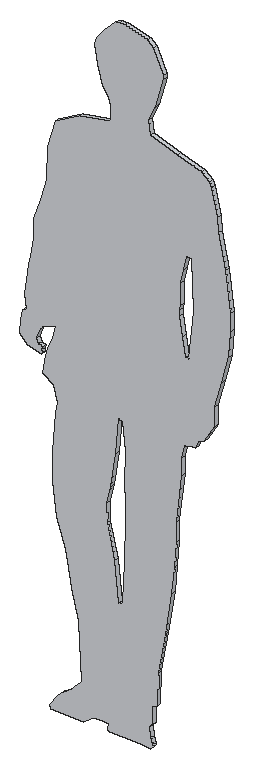
Revit family "Face-Me Test Component", category Generic Models, Revit 2018
Family settings
  Can host rebar = No
  Round Connector Dimension = Use Diameter
  Part Type = Normal
  OmniClass Number = 23.40.20.00
  OmniClass Title = General Furniture and Specialties
  Work Plane-Based = No
  Always vertical = Yes
  Cut with Voids When Loaded = No
  Shared = No
  Room Calculation Point = No
Reference planes
  plane 1 "Center (Front/Back)": y = 0
  plane 2: z = 0
  plane 3 "Center (Left/Right)": x = 0
Forms (mm)
  Extrusion 1, solid
    sketch origin (-300, 0, 0) x (1, 0, 0) y (0, 0, 1)
      loop
        line (447.297, 605.539) -> (462.51, 730.294) -> (461.99, 775.071) -> (471.642, 809.41) -> (486.329, 813.36) -> (502.069, 815.496) -> (512.516, 833.69) -> (529.453, 842.883) -> (543.952, 864.885) -> (556.841, 888.527) -> (556.841, 940.25) -> (578.062, 1008.273) -> (596.396, 1080.221) -> (602.481, 1147.167) -> (602.481, 1194.792) -> (588.16, 1300.164) -> (569.039, 1391.137) -> (566.024, 1428.198) -> (547.713, 1497.094) -> (542.203, 1511.444) -> (520.222, 1528.941) -> (452.457, 1548.699) -> (374.269, 1573.165) -> (367.596, 1609.062) -> (388.188, 1648.852) -> (411.918, 1728.06) -> (411.918, 1738.387) -> (382.817, 1798.692) -> (365.857, 1812.512) -> (301.241, 1828.758) -> (286.544, 1827.762) -> (273.856, 1825.719) -> (241.284, 1794.153) -> (219.867, 1767.364) -> (214.774, 1747.918) -> (222.44, 1701.033) -> (237.341, 1649.235) -> (254.26, 1625.407) -> (259.005, 1607.671) -> (258.643, 1570.119) -> (255.6, 1567.073) -> (170.568, 1549.213) -> (103.458, 1512.304) -> (79.516, 1438.251) -> (76.071, 1351.037) -> (58.982, 1294.114) -> (39.558, 1238.448) -> (39.558, 1189.765) -> (32.142, 1153.308) -> (24.345, 1116.739) -> (17.869, 1075.689) -> (12.171, 1037.623) -> (15.39, 1017.776) -> (18.259, 1001.11) -> (9.128, 995.025) -> (0.873, 967.78) -> (0, 934.165) -> (22.497, 911.098) -> (60.857, 900.698) -> (63.9, 903.737) -> (62.758, 913.432) -> (66.943, 921.994) -> (52.744, 924.303) -> (48.686, 937.21) -> (60.857, 970.683) -> (81.225, 979.065) -> (103.458, 985.894) -> (92.631, 952.124) -> (79.114, 921.994) -> (70.499, 886.794) -> (63.9, 852.008) -> (96.735, 833.764) -> (106.501, 791.154) -> (101.539, 762.504) -> (100.416, 730.294) -> (94.182, 662.221) -> (94.33, 587.283) -> (106.387, 499.413) -> (130.843, 426.01) -> (140.098, 379.648) -> (149.099, 331.683) -> (167.782, 253.489) -> (176.486, 100.431) -> (155.509, 79.934) -> (152.142, 73.044) -> (120.031, 52.987) -> (106.451, 40.001) -> (85.199, 9.144) -> (89.177, 0) -> (181.252, 0) -> (210.735, 21.314) -> (237.723, 21.314) -> (253.503, 18.936) -> (249.515, 6.104) -> (251.034, 4.581) -> (256.438, 0) -> (345.338, 0) -> (374.259, -0.17) -> (381.419, 6.155) -> (379.053, 12.48) -> (374.259, 28.422) -> (371.226, 54.787) -> (380.354, 63.919) -> (380.354, 109.556) -> (386.486, 112.936) -> (392.525, 115.642) -> (395.571, 200.844) -> (415.52, 305.577) -> (435.126, 416.885) -> (441.379, 485.831) -> (447.297, 553.81) -> (447.297, 605.539)
      loop
        line (299.866, 452.723) -> (301.241, 556.856) -> (303.553, 606.641) -> (298.198, 651.183) -> (301.296, 734.831) -> (295.155, 812.456) -> (282.984, 812.456) -> (274.902, 720.067) -> (258.643, 629.881) -> (249.183, 586.07) -> (249.515, 535.554) -> (271.566, 445.901) -> (282.984, 340.814) -> (292.113, 340.814) -> (295.155, 343.854) -> (299.866, 452.723)
      loop
        line (489.898, 1296.262) -> (477.727, 1296.262) -> (468.695, 1259.818) -> (459.468, 1223.237) -> (459.468, 1165.423) -> (456.803, 1153.5) -> (456.425, 1138.035) -> (466.643, 1087.092) -> (474.684, 1037.623) -> (483.813, 1037.623) -> (496.014, 1161.696) -> (489.898, 1296.262)
    from 0 to 10
Lines and regions (mm)
  model lines
    curve 1: line (0, 1200, 0) -> (0, -4300, 0)
Dimensions and locks
  aligned and locked: level to plane 2
